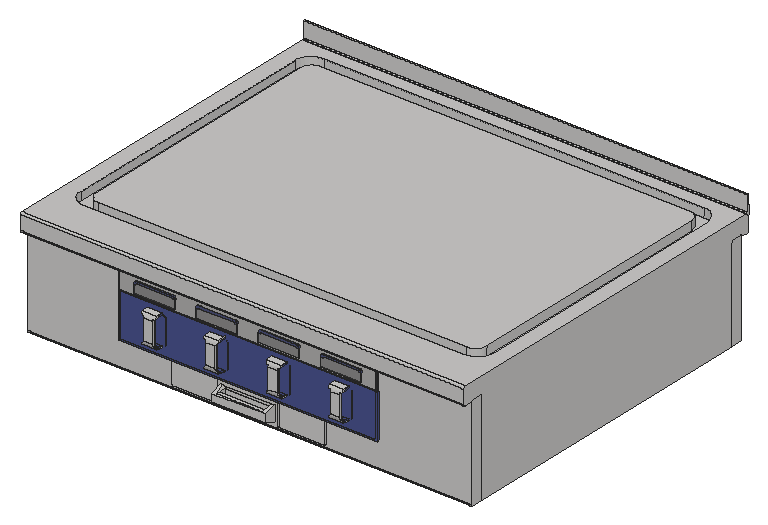
Revit family "QF_ELECTROLUXPROFESSIONAL_588007_MALCABHOAO", category Specialty Equipment, Revit 2018
Family settings
  Round Connector Dimension = Use Diameter
  Part Type = Normal
  Work Plane-Based = No
  Always vertical = Yes
  Cut with Voids When Loaded = No
  Shared = No
  Room Calculation Point = No
Parameters
  Weight in Pounds = 253.5  # constant formula
  Watts = 12000 VA  # 12000 W
  Volts = 400 V  # constant formula
  URL Cutsheet = ""
  Type Mark [instance] = ""
  Status [instance] = ""
  Specification by User [instance] = ""
  Specification by Manufacturer = ""
  Serial Number = ""
  Seismic Rating = ""
  SMACNA No = ""
  Revision Code [instance] = ""
  Phase = 3  # constant formula
  Omniclass Number and Title = ""
  Number of Poles [instance] = 1
  NAFEM Spec ID Number = ""
  Model = "588007"
  Min Ckt Ampacity = 0 A
  Max Overcurrent Protection = 0 A
  Masterspec = ""
  Manufacturer = "ELECTROLUX"
  Item Number [instance] = ""
  Installed By [instance] = ""
  Identify Quantity as Lot [instance] = yes
  HP = "16.1 HP"
  Furnished By [instance] = ""
  Foodservice Equipment Identifier [instance] = yes
  FL Amps [instance] = if(Phase = 3, Watts / (Volts * 1.73), Watts / Volts)  # 17.341 A
  Electrical Remarks = "400 V/3N ph/50/60 Hz"  # constant formula
  Electric Connection Type [instance] = ""
  Elec Conn RI Height [instance] = 0 mm
  Elec Conn Connection Height [instance] = 0 mm
  Direct Waste Size = 0"
  Description = "EL.SOLID TOP,4 ZONES,1S,BS,1000X800X250H"
  Cycle [instance] = if([60 Hertz Option], 60 Hz, 50 Hz)  # 60 Hz
  Conn Plug = ""
  Conn Conduit = yes
  CSI MasterFormat = ""
  CSI Master Format = ""
  Back Panel [instance] = yes
  Apparent Power [instance] = if(Phase = 3, Volts * FL Amps * 1.73, Volts * FL Amps)  # 12000 VA
  60 Hertz Option [instance] = not([50 Hertz Option])  # yes
  50 Hertz Option [instance] = no
Reference planes
  plane 1 "BACK": y = -100
  plane 2: z = 0
  plane 3 "LEFT": x = 0
  plane 4 "RIGHT": x = 1000
  plane 5 "FRONT": y = -900
  plane 6 "TOP": z = 250
  plane 7: x = 500
  plane 8: y = -500
  plane 9: y = -1330
Forms (mm)
  Extrusion 1, solid, material "QF_Finishes_Stainless Steel"
    sketch origin (0, -487.128, 0) x (0, 1, 0) y (0, 0, 1)
      loop
        line (383.128, 250) -> (-408.872, 250)
        arc (-408.872, 250) -> (-411.7, 248.828) -> (-412.872, 246) r 4
        line (-412.872, 246) -> (-412.872, 214)
        arc (-412.872, 214) -> (-411.443, 210.936) -> (-408.177, 210.061) r 4
        line (-408.177, 210.061) -> (-391.509, 213) -> (-366.872, 213) -> (-366.872, 0) -> (341.128, 0) -> (341.128, 213) -> (365.765, 213) -> (382.433, 210.061)
        arc (382.433, 210.061) -> (385.699, 210.936) -> (387.128, 214) r 4
        line (387.128, 214) -> (387.128, 246)
        arc (387.128, 246) -> (385.956, 248.828) -> (383.128, 250) r 4
    from 0 to 1000
  Extrusion 2, solid, material "QF_Finishes_Stainless Steel", visible <- "Back Panel"
    sketch origin (0, 0, 0) x (0, 1, 0) y (0, 0, 1)
      loop
        line (-146, 0) -> (-120, 0) -> (-120, 215)
        arc (-120, 215) -> (-120.586, 213.586) -> (-122, 213) r 2
        line (-122, 213) -> (-146, 213) -> (-146, 0)
    from 0 to 1000
  Extrusion 3, void
    sketch origin (653.786, -55.952, 250) x (1, 0, 0) y (0, -1, 0)
      loop
        line (274.614, 755.048) -> (-582.186, 755.048)
        arc (-582.186, 755.048) -> (-608.349, 744.211) -> (-619.186, 718.048) r 37
        line (-619.186, 718.048) -> (-619.186, 115.648)
        arc (-619.186, 115.648) -> (-608.349, 89.485) -> (-582.186, 78.648) r 37
        line (-582.186, 78.648) -> (274.614, 78.648)
        arc (274.614, 78.648) -> (300.777, 89.485) -> (311.614, 115.648) r 37
        line (311.614, 115.648) -> (311.614, 718.048)
        arc (311.614, 718.048) -> (300.777, 744.211) -> (274.614, 755.048) r 37
    from 0 to 19.1
  Extrusion 4, solid, material "QF_Finishes_Stainless Steel"
    sketch origin (0, -854, 0) x (1, 0, 0) y (0, -1, 0)
      loop
        circle (955, -169) r 6.35
    from 0 to 3.2
  Extrusion 5, solid, material "QF_Finishes_Stainless Steel"
    sketch origin (653.786, -55.952, 230.9) x (1, 0, 0) y (0, 1, 0)
      loop
        line (260.814, -104.048) -> (-568.386, -104.048)
        arc (-568.386, -104.048) -> (-586.347, -111.488) -> (-593.786, -129.448) r 25.4
        line (-593.786, -129.448) -> (-593.786, -704.248)
        arc (-593.786, -704.248) -> (-586.347, -722.209) -> (-568.386, -729.648) r 25.4
        line (-568.386, -729.648) -> (260.814, -729.648)
        arc (260.814, -729.648) -> (278.774, -722.209) -> (286.214, -704.248) r 25.4
        line (286.214, -704.248) -> (286.214, -129.448)
        arc (286.214, -129.448) -> (278.774, -111.488) -> (260.814, -104.048) r 25.4
    from 0 to 19.1
  Extrusion 6, solid, material "QF_Door-Drawer Clearances", detail levels coarse
    sketch origin (537.31, -881.593, 8.62) x (0, 0, 1) y (-1, 0, 0)
      loop
        line (1.973, -134.295) -> (49.317, -134.295)
        arc (49.317, -134.295) -> (50.776, -133.691) -> (51.38, -132.232) r 2.063
        line (51.38, -132.232) -> (51.38, 206.852)
        arc (51.38, 206.852) -> (50.88, 208.549) -> (49.541, 209.705) r 3.133
        line (49.541, 209.705) -> (3.067, 209.705)
        arc (3.067, 209.705) -> (0.898, 208.807) -> (0, 206.638) r 3.067
        line (0, 206.638) -> (0, -132.322)
        arc (0, -132.322) -> (0.578, -133.717) -> (1.973, -134.295) r 1.973
    from 0 to 448.407
  Extrusion 7, solid, material "QF_Finishes_Stainless Steel"
    sketch origin (0, -950.048, 294.179) x (0, -1, 0) y (0, 0, -1)
      loop
        arc (-848.097, 42.179) -> (-847.511, 43.594) -> (-846.097, 44.179) r 2
        arc (-846.097, 44.179) -> (-848.877, 45.357) -> (-850.048, 48.185) r 4
        line (-850.048, 48.185) -> (-850.048, 6.179) -> (-848.097, 6.179) -> (-848.097, 42.179)
    from 0 to 1000
Cuts and joins
  Extrusion 3 cuts Extrusion 1
Lines and regions (mm)
  symbolic lines
    curve 1: line (0, -100, 0) -> (1000, -100, 0)
    curve 2: line (0, -900, 0) -> (0, -100, 0)
    curve 3: line (1000, -900, 0) -> (0, -900, 0)
    curve 4: line (1000, -100, 0) -> (1000, -900, 0)
    curve 5: line (273.641, -902.326, 0) -> (273.641, -900, 0)
    curve 6: spline (279.31, -903.73, 0) -> (278.831, -903.657, 0) -> (278.353, -903.575, 0) -> (277.876, -903.486, 0) -> (277.4, -903.389, 0) -> (276.925, -903.283, 0) -> (276.452, -903.17, 0) -> (275.98, -903.049, 0) -> (275.509, -902.92, 0) -> (275.039, -902.783, 0) -> (274.572, -902.638, 0) -> (274.105, -902.486, 0) -> (273.641, -902.326, 0)
    curve 7: line (305.857, -902.326, 0) -> (305.857, -900, 0)
    curve 8: spline (305.857, -902.326, 0) -> (305.392, -902.486, 0) -> (304.926, -902.638, 0) -> (304.458, -902.783, 0) -> (303.989, -902.92, 0) -> (303.518, -903.049, 0) -> (303.046, -903.17, 0) -> (302.572, -903.283, 0) -> (302.098, -903.389, 0) -> (301.622, -903.486, 0) -> (301.145, -903.575, 0) -> (300.667, -903.657, 0) -> (300.188, -903.73, 0)
    curve 9: line (279.31, -903.73, 0) -> (300.188, -903.73, 0)
    curve 10: line (413.892, -902.326, 0) -> (413.892, -900, 0)
    curve 11: spline (419.561, -903.73, 0) -> (419.082, -903.657, 0) -> (418.604, -903.575, 0) -> (418.127, -903.486, 0) -> (417.651, -903.389, 0) -> (417.177, -903.283, 0) -> (416.703, -903.17, 0) -> (416.231, -903.049, 0) -> (415.76, -902.92, 0) -> (415.29, -902.783, 0) -> (414.823, -902.638, 0) -> (414.357, -902.486, 0) -> (413.892, -902.326, 0)
    curve 12: line (446.108, -902.326, 0) -> (446.108, -900, 0)
    curve 13: spline (446.108, -902.326, 0) -> (445.643, -902.486, 0) -> (445.177, -902.638, 0) -> (444.71, -902.783, 0) -> (444.24, -902.92, 0) -> (443.769, -903.049, 0) -> (443.297, -903.17, 0) -> (442.823, -903.283, 0) -> (442.349, -903.389, 0) -> (441.873, -903.486, 0) -> (441.396, -903.575, 0) -> (440.918, -903.657, 0) -> (440.439, -903.73, 0)
    curve 14: line (419.561, -903.73, 0) -> (440.439, -903.73, 0)
    curve 15: line (726.359, -902.326, 0) -> (726.359, -900, 0)
    curve 16: spline (720.69, -903.73, 0) -> (721.169, -903.657, 0) -> (721.647, -903.575, 0) -> (722.124, -903.486, 0) -> (722.6, -903.389, 0) -> (723.075, -903.283, 0) -> (723.548, -903.17, 0) -> (724.02, -903.049, 0) -> (724.491, -902.92, 0) -> (724.961, -902.783, 0) -> (725.428, -902.638, 0) -> (725.895, -902.486, 0) -> (726.359, -902.326, 0)
    curve 17: line (694.143, -902.326, 0) -> (694.143, -900, 0)
    curve 18: spline (694.143, -902.326, 0) -> (694.608, -902.486, 0) -> (695.074, -902.638, 0) -> (695.542, -902.783, 0) -> (696.011, -902.92, 0) -> (696.482, -903.049, 0) -> (696.954, -903.17, 0) -> (697.428, -903.283, 0) -> (697.902, -903.389, 0) -> (698.378, -903.486, 0) -> (698.855, -903.575, 0) -> (699.333, -903.657, 0) -> (699.812, -903.73, 0)
    curve 19: line (720.69, -903.73, 0) -> (699.812, -903.73, 0)
    curve 20: line (586.108, -902.326, 0) -> (586.108, -900, 0)
    curve 21: spline (580.439, -903.73, 0) -> (580.918, -903.657, 0) -> (581.396, -903.575, 0) -> (581.873, -903.486, 0) -> (582.349, -903.389, 0) -> (582.823, -903.283, 0) -> (583.297, -903.17, 0) -> (583.769, -903.049, 0) -> (584.24, -902.92, 0) -> (584.71, -902.783, 0) -> (585.177, -902.638, 0) -> (585.643, -902.486, 0) -> (586.108, -902.326, 0)
    curve 22: line (553.892, -902.326, 0) -> (553.892, -900, 0)
    curve 23: spline (553.892, -902.326, 0) -> (554.357, -902.486, 0) -> (554.823, -902.638, 0) -> (555.29, -902.783, 0) -> (555.76, -902.92, 0) -> (556.231, -903.049, 0) -> (556.703, -903.17, 0) -> (557.177, -903.283, 0) -> (557.651, -903.389, 0) -> (558.127, -903.486, 0) -> (558.604, -903.575, 0) -> (559.082, -903.657, 0) -> (559.561, -903.73, 0)
    curve 24: line (580.439, -903.73, 0) -> (559.561, -903.73, 0)
    curve 36: line (914.6, -160, 0) -> (85.4, -160, 0)
    curve 37: arc (85.4, -160, 0) -> (67.439, -167.439, 0) -> (60, -185.4, 0) r 25.4
    curve 38: line (60, -185.4, 0) -> (60, -760.2, 0)
    curve 39: arc (60, -760.2, 0) -> (67.439, -778.161, 0) -> (85.4, -785.6, 0) r 25.4
    curve 40: line (85.4, -785.6, 0) -> (914.6, -785.6, 0)
    curve 41: arc (914.6, -785.6, 0) -> (932.561, -778.161, 0) -> (940, -760.2, 0) r 25.4
    curve 42: line (940, -760.2, 0) -> (940, -185.4, 0)
    curve 43: arc (940, -185.4, 0) -> (932.561, -167.439, 0) -> (914.6, -160, 0) r 25.4
    curve 44: line (0, -101.951, 0) -> (1000, -101.951, 0)
    curve 45: line (446.108, -900, 0) -> (447.685, -908.767, 0)
    curve 46: line (447.685, -908.767, 0) -> (550.042, -908.767, 0)
    curve 47: line (550.042, -908.767, 0) -> (551.62, -900, 0)
  symbolic lines, style "QF_Door-Drawer Clearances"
    curve 25: line (327.605, -1330, 0) -> (327.605, -900, 0)
    curve 26: line (327.605, -1330, 0) -> (671.605, -1330, 0)
    curve 27: line (671.605, -1330, 0) -> (671.605, -900, 0)
  symbolic lines, style "SpecialityEquipment"
    curve 28: line (71.6, -134.6, 0) -> (928.4, -134.6, 0)
    curve 29: arc (928.4, -134.6, 0) -> (954.563, -145.437, 0) -> (965.4, -171.6, 0) r 37
    curve 30: line (965.4, -171.6, 0) -> (965.4, -772.524, 0)
    curve 31: arc (965.4, -772.524, 0) -> (954.131, -799.731, 0) -> (926.924, -811, 0) r 38.476
    curve 32: line (926.924, -811, 0) -> (71.6, -811, 0)
    curve 33: arc (71.6, -811, 0) -> (45.437, -800.163, 0) -> (34.6, -774, 0) r 37
    curve 34: line (34.6, -774, 0) -> (34.6, -171.6, 0)
    curve 35: arc (34.6, -171.6, 0) -> (45.437, -145.437, 0) -> (71.6, -134.6, 0) r 37
Dimensions and locks
  plane 3 "LEFT" to plane 4 "RIGHT" = 1000 mm
  plane 5 "FRONT" to plane 1 "BACK" = 800 mm
  equal spacing: plane 3 "LEFT", plane 7, plane 4 "RIGHT"
  equal spacing: plane 5 "FRONT", plane 8, plane 1 "BACK"
  plane 6 "TOP" to level = 250 mm  (x2)
  plane 1 "BACK" to plane 5 "FRONT" = 800 mm
  Extrusion 4 sketch curve to plane 1 "BACK" = 585 mm
  Extrusion 4 sketch curve to plane 4 "RIGHT" = 45 mm
  plane 5 "FRONT" to plane 9 = 430 mm
  aligned and locked: level to plane 2
  aligned and locked: cut or joined group of Extrusion 1, Extrusion 3 to plane 4 "RIGHT"
  aligned and locked: Extrusion 2 to plane 4 "RIGHT"
  aligned and locked: plane 7 to nested 1
  aligned and locked: Extrusion 7 to plane 4 "RIGHT"
Automatic sketch dimensions
  Extrusion 2 sketch curve to Extrusion 2 sketch curve = 26 mm
  plane 1 "BACK" to Extrusion 2 sketch curve = 22 mm
  Extrusion 2 sketch curve to Extrusion 2 sketch curve = 2 mm
  level to Extrusion 2 sketch curve = 213 mm
  Extrusion 1 sketch curve to plane 5 "FRONT" = 0 mm
  Extrusion 1 sketch curve to plane 6 "TOP" = 0 mm
  Extrusion 1 sketch curve to level = 0 mm
  Extrusion 1 sketch curve to plane 1 "BACK" = 0 mm
  Extrusion 1 sketch curve to plane 6 "TOP" = 37 mm  (x2)
  Extrusion 1 sketch curve to plane 5 "FRONT" = 4 mm
  Extrusion 1 sketch curve to plane 5 "FRONT" = 21.363 mm
  Extrusion 1 sketch curve to plane 5 "FRONT" = 46 mm
  plane 1 "BACK" to Extrusion 1 sketch curve = 21.363 mm
  plane 1 "BACK" to Extrusion 1 sketch curve = 4 mm  (x2)
  Extrusion 1 sketch curve to Extrusion 1 sketch curve = 4 mm
  Extrusion 1 sketch curve to Extrusion 1 sketch curve = 0.695 mm
  Extrusion 1 sketch curve to Extrusion 1 sketch curve = 0 mm  (x4)
  plane 1 "BACK" to Extrusion 1 sketch curve = 4.695 mm
  Extrusion 1 sketch curve to Extrusion 1 sketch curve = 1 mm  (x2)
  plane 1 "BACK" to Extrusion 1 sketch curve = 46 mm
  plane 5 "FRONT" to curve 25 = 0 mm
  plane 5 "FRONT" to curve 27 = 0 mm
  plane 3 "LEFT" to curve 25 = 327.605 mm
  plane 7 to curve 27 = 171.605 mm
  curve 25 to curve 25 = 430 mm
  level to Extrusion 6 sketch curve = 8.62 mm
  level to Extrusion 6 sketch curve = 57.937 mm
  plane 7 to Extrusion 6 sketch curve = 171.605 mm
  Extrusion 6 sketch curve to Extrusion 6 sketch curve = 1.973 mm
  Extrusion 6 sketch curve to Extrusion 6 sketch curve = 3.067 mm
  Extrusion 6 sketch curve to Extrusion 6 sketch curve = 46.474 mm
  Extrusion 6 sketch curve to Extrusion 6 sketch curve = 2.063 mm
  Extrusion 6 sketch curve to Extrusion 6 sketch curve = 3.133 mm
  plane 3 "LEFT" to Extrusion 6 sketch curve = 330.672 mm
  plane 3 "LEFT" to curve 34 = 34.6 mm
  curve 34 to curve 38 = 25.4 mm
  curve 37 to curve 35 = 11.6 mm
  curve 39 to curve 33 = 11.6 mm
  curve 33 to curve 39 = 13.8 mm
  curve 35 to curve 37 = 13.8 mm
  plane 7 to curve 36 = 414.6 mm
  plane 7 to curve 41 = 414.6 mm
  curve 40 to curve 32 = 12.324 mm
  curve 36 to curve 29 = 13.8 mm
  curve 29 to curve 43 = 11.6 mm  (x2)
  curve 33 to plane 5 "FRONT" = 89 mm
  curve 40 to curve 31 = 13.076 mm
  plane 1 "BACK" to curve 43 = 85.4 mm
  curve 38 to curve 34 = 13.8 mm
  Extrusion 1 to Extrusion 3 sketch curve = 34.6 mm  (x2)
  Extrusion 1 to Extrusion 3 sketch curve = 85 mm
  Extrusion 3 sketch curve to Extrusion 3 sketch curve = 37 mm  (x4)
  Extrusion 1 to Extrusion 3 sketch curve = 30.6 mm
  Extrusion 5 sketch curve to Extrusion 3 = 25.4 mm  (x4)
  Extrusion 5 sketch curve to Extrusion 5 sketch curve = 25.4 mm  (x4)
  Extrusion 7 sketch curve to plane 1 "BACK" = 0 mm  (x2)
  Extrusion 7 sketch curve to plane 6 "TOP" = 2 mm
  Extrusion 7 sketch curve to plane 6 "TOP" = 0 mm
  Extrusion 7 sketch curve to Extrusion 7 sketch curve = 1.951 mm
  plane 6 "TOP" to Extrusion 7 sketch curve = 0.006 mm
  Extrusion 7 sketch curve to Extrusion 7 sketch curve = 0.049 mm
  Extrusion 7 sketch curve to Extrusion 7 sketch curve = 36 mm
  Extrusion 7 sketch curve to Extrusion 7 sketch curve = 0 mm
  plane 1 "BACK" to curve 1 = 0 mm
  curve 1 to plane 4 "RIGHT" = 0 mm
  plane 5 "FRONT" to curve 12 = 0 mm
  curve 3 to plane 3 "LEFT" = 0 mm
  plane 5 "FRONT" to curve 20 = 2.326 mm
  plane 5 "FRONT" to curve 15 = 2.326 mm
  plane 7 to curve 15 = 226.359 mm
  plane 5 "FRONT" to curve 19 = 3.73 mm
  curve 15 to curve 19 = 5.669 mm
  curve 16 to curve 19 = 20.878 mm
  plane 5 "FRONT" to curve 17 = 2.326 mm
  curve 18 to curve 17 = 5.669 mm
  plane 7 to curve 20 = 86.108 mm
  plane 5 "FRONT" to curve 24 = 3.73 mm
  curve 20 to curve 24 = 5.669 mm
  curve 21 to curve 24 = 20.878 mm
  plane 5 "FRONT" to curve 22 = 2.326 mm
  curve 24 to curve 22 = 5.669 mm
  curve 45 to plane 7 = 52.315 mm
  curve 45 to curve 12 = 1.578 mm
  curve 12 to curve 14 = 5.669 mm
  plane 5 "FRONT" to curve 14 = 3.73 mm
  curve 14 to curve 14 = 20.878 mm
  plane 5 "FRONT" to curve 10 = 2.326 mm
  curve 11 to curve 10 = 5.669 mm
  plane 5 "FRONT" to curve 7 = 2.326 mm
  curve 10 to curve 7 = 108.035 mm
  plane 5 "FRONT" to curve 9 = 3.73 mm
  curve 7 to curve 9 = 5.669 mm
  curve 8 to curve 9 = 20.878 mm
  plane 5 "FRONT" to curve 5 = 2.326 mm
  curve 6 to curve 5 = 5.669 mm
  curve 15 to curve 16 = 9.839 mm
  plane 5 "FRONT" to curve 18 = 4.032 mm
  curve 18 to curve 19 = 4.17 mm
  plane 5 "FRONT" to curve 21 = 4.032 mm
  curve 21 to curve 21 = 4.17 mm
  plane 5 "FRONT" to curve 23 = 4.032 mm
  curve 23 to curve 23 = 4.17 mm
  curve 22 to curve 47 = 2.272 mm
  curve 23 to curve 46 = 3.85 mm
  plane 5 "FRONT" to curve 47 = 8.767 mm
  curve 12 to curve 13 = 9.839 mm
  curve 13 to curve 11 = 12.538 mm
  curve 7 to curve 8 = 9.839 mm
  curve 8 to curve 6 = 12.538 mm
  curve 12 to curve 12 = 2.326 mm
  plane 1 "BACK" to curve 44 = 1.951 mm
  curve 8 to plane 5 "FRONT" = 39.101 mm
  curve 6 to curve 8 = 0 mm
  curve 11 to plane 5 "FRONT" = 39.101 mm
  curve 11 to curve 13 = 0 mm
  curve 18 to curve 16 = 0 mm
  Extrusion 2 sketch curve to level = 0 mm
  radius of Extrusion 4 sketch curve = 6.35 mm
Nested families
  nested 1: "EST_800_1000 Front Panel Four Controls" at (-100, -854, -650), type "EST_800_1000 Front Panel Four Controls"
Connectors
  electrical at (955, -685, -3.2), driven by "Volts", driven by "Watts"
    settings: on Extrusion 4, index 1, voltage 400 V, apparent load 12000 VA, apparent load phase1 0 VA, apparent load phase2 0 VA, apparent load phase3 0 VA, power factor 1, load classification "Other", number of poles 1, system type 30, power factor state 1, is connector primary yes, connector utility no, sub classification motor no, connector description "ELECTRICAL CONNECTION"
Definition of nested family "EST_800_1000 Front Panel Four Controls"
  Parameters
    Keynote = ""
  Reference planes
    plane 1 "Center (Front/Back)": y = 0
    plane 2: z = 0
    plane 3 "Center (Left/Right)": x = 100
    plane 4: x = 600
    plane 5: x = 389.749
    plane 6: x = 530
    plane 7: x = 670.079
    plane 8: x = 809.948
  Forms (mm)
    Extrusion 1, void
      sketch origin (1213.217, 829.203, -1.25) x (1, 0, 0) y (0, 0, 1)
        loop
          line (-321.217, 853.25) -> (-905.217, 853.25) -> (-905.217, 711.25) -> (-321.217, 711.25) -> (-321.217, 853.25)
      from 843.409 to 854.203
    Extrusion 2, solid
      sketch origin (1133.217, 829.203, -1.25) x (0, 1, 0) y (0, 0, 1)
        loop
          arc (-854.203, 654.25) -> (-853.324, 652.129) -> (-851.203, 651.25) r 3
          line (-851.203, 651.25) -> (-829.203, 651.25) -> (-829.203, 864.25) -> (-854.203, 864.25) -> (-854.203, 654.25)
      from -1033.217 to -33.217
  Dimensions and locks
    aligned and locked: plane 4 to nested 6
  Nested families
    nested 1: "1200 Glass Panel with Four Reads" at (308, -30, 5.811), type "1200 Glass Panel with Four Reads"
    nested 2: "Sml  Range Control Handle" at (389.749, -26.645, -204.867), type "Sml  Range Control Handle"
    nested 3: "Sml  Range Control Handle" at (529.638, -26.645, -204.867), type "Sml  Range Control Handle"
    nested 4: "Sml  Range Control Handle" at (670.079, -26.645, -204.867), type "Sml  Range Control Handle"
    nested 5: "Sml  Range Control Handle" at (810.079, -26.645, -204.867), type "Sml  Range Control Handle"
    nested 6: "grease trap door1" at (667.599, -25, 0.608) x (-1, 0, 0) z (0, 0, 1), type "grease trap door"
  Definition of nested family "1200 Glass Panel with Four Reads"
    Reference planes
      plane 1 "Center (Front/Back)": y = 0
      plane 2: z = 0
      plane 3 "Center (Left/Right)": x = 0
      plane 4: x = 584
      plane 5: x = 581.091
      plane 6 "Top": z = 846.189
      plane 7 "Center": x = 292
    Forms (mm)
      Extrusion 1, solid
        sketch origin (550.286, 304.8, -4.308) x (1, 0, 0) y (0, 0, 1)
          loop
            line (-550.286, 806.791) -> (-550.286, 708.497) -> (33.714, 708.497) -> (33.714, 806.791) -> (-550.286, 806.791)
        from 300.031 to 304.8
      Extrusion 2, solid
        sketch origin (550.286, 304.8, -4.308) x (1, 0, 0) y (0, 0, 1)
          loop
            line (-550.286, 850.497) -> (-550.286, 806.791) -> (33.714, 806.791) -> (33.714, 850.497) -> (-550.286, 850.497)
        from 300.031 to 304.8
      Extrusion 3, void
        sketch origin (550.286, 304.8, -4.308) x (1, 0, 0) y (0, 0, 1)
          loop
            line (-547.628, 847.565) -> (-547.628, 710.699) -> (30.804, 710.699) -> (30.804, 847.565) -> (-547.628, 847.565)
        from 303.697 to 304.8
      Extrusion 4, solid, not visible
        sketch origin (550.286, 305.901, -4.308) x (1, 0, 0) y (0, 0, 1)
          loop
            line (-153.041, 812.62) -> (-153.041, 834.177) -> (-157.775, 834.177) -> (-159.574, 835.977) -> (-238.324, 835.977) -> (-240.124, 834.177) -> (-245.041, 834.177) -> (-245.041, 812.62) -> (-153.041, 812.62)
        from 304.798 to 306.745
      Extrusion 5, solid, not visible
        sketch origin (550.286, 305.901, -4.308) x (1, 0, 0) y (0, 0, 1)
          loop
            line (-240.027, 834.177) -> (-238.227, 835.977) -> (-159.594, 835.977) -> (-157.794, 834.177) -> (-153.083, 834.177)
            arc (-153.083, 834.177) -> (-154.26, 838.752) -> (-158.535, 840.763) r 5.549
            line (-158.535, 840.763) -> (-239.444, 840.763)
            arc (-239.444, 840.763) -> (-243.699, 838.747) -> (-244.835, 834.177) r 5.5
            line (-244.835, 834.177) -> (-240.027, 834.177)
        from 304.798 to 306.745
      Extrusion 6, solid
        sketch origin (700.989, 305.901, -4.308) x (1, 0, 0) y (0, 0, 1)
          loop
            line (-153.041, 812.62) -> (-153.041, 834.177) -> (-157.775, 834.177) -> (-159.574, 835.977) -> (-238.324, 835.977) -> (-240.124, 834.177) -> (-245.041, 834.177) -> (-245.041, 812.62) -> (-153.041, 812.62)
        from 304.798 to 306.745
      Extrusion 7, solid
        sketch origin (700.989, 305.901, -4.308) x (1, 0, 0) y (0, 0, 1)
          loop
            line (-240.027, 834.177) -> (-238.227, 835.977) -> (-159.594, 835.977) -> (-157.794, 834.177) -> (-153.083, 834.177)
            arc (-153.083, 834.177) -> (-154.26, 838.752) -> (-158.535, 840.763) r 5.549
            line (-158.535, 840.763) -> (-239.444, 840.763)
            arc (-239.444, 840.763) -> (-243.699, 838.747) -> (-244.835, 834.177) r 5.5
            line (-244.835, 834.177) -> (-240.027, 834.177)
        from 304.798 to 306.745
      Extrusion 8, solid
        sketch origin (560.989, 305.901, -4.308) x (1, 0, 0) y (0, 0, 1)
          loop
            line (-153.041, 812.62) -> (-153.041, 834.177) -> (-157.775, 834.177) -> (-159.574, 835.977) -> (-238.324, 835.977) -> (-240.124, 834.177) -> (-245.041, 834.177) -> (-245.041, 812.62) -> (-153.041, 812.62)
        from 304.798 to 306.745
      Extrusion 9, solid
        sketch origin (560.989, 305.901, -4.308) x (1, 0, 0) y (0, 0, 1)
          loop
            line (-240.027, 834.177) -> (-238.227, 835.977) -> (-159.594, 835.977) -> (-157.794, 834.177) -> (-153.083, 834.177)
            arc (-153.083, 834.177) -> (-154.26, 838.752) -> (-158.535, 840.763) r 5.549
            line (-158.535, 840.763) -> (-239.444, 840.763)
            arc (-239.444, 840.763) -> (-243.699, 838.747) -> (-244.835, 834.177) r 5.5
            line (-244.835, 834.177) -> (-240.027, 834.177)
        from 304.798 to 306.745
      Extrusion 10, solid
        sketch origin (700.989, 305.901, -4.308) x (1, 0, 0) y (0, 0, 1)
          loop
            line (-665.188, 812.62) -> (-573.188, 812.62) -> (-573.188, 834.177) -> (-578.105, 834.177) -> (-579.905, 835.977) -> (-658.655, 835.977) -> (-660.455, 834.177) -> (-665.188, 834.177) -> (-665.188, 812.62)
        from 304.798 to 306.745
      Extrusion 11, solid
        sketch origin (700.989, 305.901, -4.308) x (1, 0, 0) y (0, 0, 1)
          loop
            line (-578.203, 834.177) -> (-573.394, 834.177)
            arc (-573.394, 834.177) -> (-574.53, 838.747) -> (-578.786, 840.763) r 5.5
            line (-578.786, 840.763) -> (-659.695, 840.763)
            arc (-659.695, 840.763) -> (-663.97, 838.752) -> (-665.146, 834.177) r 5.549
            line (-665.146, 834.177) -> (-660.435, 834.177) -> (-658.636, 835.977) -> (-580.003, 835.977) -> (-578.203, 834.177)
        from 304.798 to 306.745
      Extrusion 12, solid
        sketch origin (560.989, 305.901, -4.308) x (1, 0, 0) y (0, 0, 1)
          loop
            line (-385.188, 812.62) -> (-293.188, 812.62) -> (-293.188, 834.177) -> (-298.105, 834.177) -> (-299.905, 835.977) -> (-378.655, 835.977) -> (-380.455, 834.177) -> (-385.188, 834.177) -> (-385.188, 812.62)
        from 304.798 to 306.745
      Extrusion 13, solid
        sketch origin (560.989, 305.901, -4.308) x (1, 0, 0) y (0, 0, 1)
          loop
            line (-298.203, 834.177) -> (-293.394, 834.177)
            arc (-293.394, 834.177) -> (-294.53, 838.747) -> (-298.786, 840.763) r 5.5
            line (-298.786, 840.763) -> (-379.695, 840.763)
            arc (-379.695, 840.763) -> (-383.97, 838.752) -> (-385.146, 834.177) r 5.549
            line (-385.146, 834.177) -> (-380.435, 834.177) -> (-378.636, 835.977) -> (-300.003, 835.977) -> (-298.203, 834.177)
        from 304.798 to 306.745
    Cuts and joins
      Extrusion 3 cuts Extrusion 1
      Extrusion 3 cuts Extrusion 2
    Lines and regions (mm)
      symbolic lines
        curve 1: line (0, 4.769, 0) -> (584, 4.769, 0)
    Dimensions and locks
      aligned and locked: Extrusion 1 to Extrusion 2
      aligned and locked: Extrusion 6 to Extrusion 7
      aligned and locked: Extrusion 8 to Extrusion 9
      aligned and locked: Extrusion 10 to Extrusion 11
      aligned and locked: Extrusion 12 to Extrusion 13
  Definition of nested family "Sml  Range Control Handle"
    Reference planes
      plane 1 "Center (Front/Back)": y = 0
      plane 2: z = 0
      plane 3 "Center (Left/Right)": x = 0
      plane 4: z = 971.092
    Forms (mm)
      Extrusion 1, solid
        sketch origin (-746.28, 380.497, 208.931) x (-1, 0, 0) y (0, 0, 1)
          loop
            line (-770.101, 786.798) -> (-770.101, 731.649)
            arc (-770.101, 731.649) -> (-769.759, 730.563) -> (-768.855, 729.87) r 1.893
            line (-768.855, 729.87) -> (-763.474, 727.911) -> (-729.81, 727.911) -> (-724.428, 729.87)
            arc (-724.428, 729.87) -> (-723.525, 730.563) -> (-723.183, 731.649) r 1.893
            line (-723.183, 731.649) -> (-723.183, 786.798)
            arc (-723.183, 786.798) -> (-723.529, 787.894) -> (-724.44, 788.593) r 1.91
            line (-724.44, 788.593) -> (-729.683, 790.819) -> (-763.601, 790.819) -> (-768.844, 788.593)
            arc (-768.844, 788.593) -> (-769.755, 787.894) -> (-770.101, 786.798) r 1.91
        from -382.35 to -378.852
      Sweep 2, solid
        path origin (-746.788, 380.496, 208.091) x (0, -1, 0) y (0, 0, 1)
          loop
            line (379.775, 793.281) -> (395.661, 791.048)
            arc (395.661, 791.048) -> (397.781, 787.377) -> (398.517, 783.202) r 12.207
            line (398.517, 783.202) -> (398.517, 737.368)
            arc (398.517, 737.368) -> (397.781, 733.193) -> (395.661, 729.522) r 12.207
            line (395.661, 729.522) -> (379.775, 727.289)
        profile origin (-746.788, -7.222, 1000.256) x (0, -0.139173, 0.990268) y (-1, 0, 0)
          loop
            line (0.782, -763.123) -> (0.782, -730.907) -> (-1.322, -730.907) -> (-1.322, -763.123) -> (0.782, -763.123)
      Sweep 3, solid
        path origin (-746.788, 380.715, 207.832) x (0, -1, 0) y (0, 0, 1)
          loop
            line (380.478, 795.442) -> (397.218, 793.09)
            arc (397.218, 793.09) -> (399.929, 788.473) -> (400.871, 783.202) r 15.207
            line (400.871, 783.202) -> (400.871, 737.584)
            arc (400.871, 737.584) -> (399.914, 732.274) -> (397.164, 727.633) r 15.207
            line (397.164, 727.633) -> (380.601, 725.305)
        profile origin (-746.788, -8.132, 1002.099) x (0, -0.139173, 0.990268) y (-1, 0, 0)
          loop
            line (0.782, -763.123) -> (0.782, -730.907) -> (-1.322, -730.907) -> (-1.322, -763.123) -> (0.782, -763.123)
      Extrusion 4, void
        sketch origin (889.253, 220.666, 207.993) x (1, 0, 0) y (0, 0, 1)
          loop
            line (-943.038, 816.854) -> (-943.038, 703.686) -> (-899.466, 734.196) -> (-899.466, 786.344) -> (-943.038, 816.854)
        from 230.636 to 242.25
      Extrusion 5, void
        sketch origin (-888.8, 220.666, 207.993) x (-1, 0, 0) y (0, 0, -1)
          loop
            line (-943.038, -816.854) -> (-899.466, -786.344) -> (-899.466, -734.196) -> (-943.038, -703.686) -> (-943.038, -816.854)
        from 230.636 to 242.25
      Extrusion 6, solid
        sketch origin (0, 0, 0) x (1, 0, 0) y (0, 0, 1)
          loop
            circle (0, 971.092) r 7.736
        from -3.137 to -1.645
    Cuts and joins
      Extrusion 4, Extrusion 5 cuts Sweep 3
      Extrusion 4, Extrusion 5 cuts Sweep 2
      joined: Extrusion 1, Extrusion 6
    Lines and regions (mm)
      symbolic lines
        curve 1: line (23.821, 1.645, 0) -> (-23.097, 1.645, 0)
        curve 2: line (16.334, -1.853, 0) -> (23.821, -1.853, 0)
        curve 3: line (-15.881, -19.189, 0) -> (-15.881, -1.853, 0)
        curve 4: line (-23.097, -1.853, 0) -> (-15.881, -1.853, 0)
        curve 5: line (16.334, -19.189, 0) -> (16.334, -1.853, 0)
        curve 6: spline (-15.881, -19.189, 0) -> (-15.417, -19.349, 0) -> (-14.951, -19.501, 0) -> (-14.483, -19.646, 0) -> (-14.014, -19.783, 0) -> (-13.543, -19.912, 0) -> (-13.071, -20.033, 0) -> (-12.597, -20.146, 0) -> (-12.122, -20.251, 0) -> (-11.646, -20.349, 0) -> (-11.169, -20.438, 0) -> (-10.691, -20.52, 0) -> (-10.213, -20.593, 0)
        curve 7: spline (10.666, -20.593, 0) -> (11.144, -20.52, 0) -> (11.622, -20.438, 0) -> (12.099, -20.349, 0) -> (12.575, -20.251, 0) -> (13.05, -20.146, 0) -> (13.524, -20.033, 0) -> (13.996, -19.912, 0) -> (14.467, -19.783, 0) -> (14.936, -19.646, 0) -> (15.404, -19.501, 0) -> (15.87, -19.349, 0) -> (16.334, -19.189, 0)
        curve 8: line (-10.213, -20.938, 0) -> (10.716, -20.938, 0)
        curve 9: line (-23.097, 1.645, 0) -> (-23.097, -1.853, 0)
        curve 10: line (23.821, 1.645, 0) -> (23.821, -1.853, 0)
    Dimensions and locks
      cut or joined group of Sweep 3, Extrusion 4, Extrusion 5 to cut or joined group of Sweep 3, Extrusion 4, Extrusion 5 = 71.686 mm
  Definition of nested family "grease trap door1"
    Reference planes
      plane 1 "Center (Front/Back)": y = 0
      plane 2: z = 0
      plane 3 "Center (Left/Right)": x = 0
    Forms (mm)
      Extrusion 1, solid
        sketch origin (1627.55, 854.203, -1.25) x (1, 0, 0) y (0, 0, 1)
          loop
            arc (-1627.55, 661.235) -> (-1626.972, 659.84) -> (-1625.577, 659.262) r 1.973
            line (-1625.577, 659.262) -> (-1494.325, 659.262)
            arc (-1494.325, 659.262) -> (-1492.156, 660.16) -> (-1491.258, 662.329) r 3.067
            line (-1491.258, 662.329) -> (-1491.258, 708.803)
            arc (-1491.258, 708.803) -> (-1492.414, 710.143) -> (-1494.111, 710.642) r 3.133
            line (-1494.111, 710.642) -> (-1625.486, 710.642)
            arc (-1625.486, 710.642) -> (-1626.945, 710.038) -> (-1627.55, 708.579) r 2.063
            line (-1627.55, 708.579) -> (-1627.55, 661.235)
        from 856.795 to 859.203
      Extrusion 2, solid
        sketch origin (445.874, 2476.61, 0) x (0, 1, 0) y (0, 0, 1)
          loop
            line (-2506.377, 675.273) -> (-2481.61, 667.505) -> (-2481.61, 700.995) -> (-2506.377, 693.227) -> (-2506.377, 675.273)
        from -437.68 to -317.68
      Extrusion 3, void
        sketch origin (1627.55, 854.203, -1.25) x (1, 0, 0) y (0, 0, 1)
          loop
            line (-1614.883, 703) -> (-1610.542, 695.433) -> (-1508.17, 695.433) -> (-1503.828, 703) -> (-1614.883, 703)
          loop
            line (-1614.883, 668) -> (-1502.669, 668) -> (-1507.01, 675.567) -> (-1610.542, 675.567) -> (-1614.883, 668)
        from 832.916 to 883.97
      Extrusion 4, void
        sketch origin (447.55, 854.203, -1.25) x (1, 0, 0) y (0, 0, 1)
          loop
            line (-430.542, 695.433) -> (-430.542, 675.567) -> (-328.17, 675.567) -> (-328.17, 695.433) -> (-430.542, 695.433)
        from 859.203 to 874.202
      Extrusion 5, solid
        sketch origin (1627.55, 854.203, -1.25) x (1, 0, 0) y (0, 0, 1)
          loop
            arc (-1731.556, 661.235) -> (-1730.978, 659.84) -> (-1729.583, 659.262) r 1.973
            line (-1729.583, 659.262) -> (-1390.623, 659.262)
            arc (-1390.623, 659.262) -> (-1388.454, 660.16) -> (-1387.556, 662.329) r 3.067
            line (-1387.556, 662.329) -> (-1387.556, 708.803)
            arc (-1387.556, 708.803) -> (-1388.712, 710.143) -> (-1390.409, 710.642) r 3.133
            line (-1390.409, 710.642) -> (-1729.493, 710.642)
            arc (-1729.493, 710.642) -> (-1730.952, 710.038) -> (-1731.556, 708.579) r 2.063
            line (-1731.556, 708.579) -> (-1731.556, 661.235)
        from 854.203 to 856.795
    Cuts and joins
      Extrusion 3 cuts Extrusion 1
      Extrusion 3, Extrusion 4 cuts Extrusion 2
      joined: Extrusion 1, Extrusion 2
    Lines and regions (mm)
      symbolic lines
        curve 1: line (0, -2.593, 0) -> (136.292, -2.593, 0)
        curve 2: line (17.557, -29.767, 0) -> (12.667, -2.593, 0)
        curve 3: line (17.557, -29.767, 0) -> (119.991, -29.767, 0)
        curve 4: line (119.991, -29.767, 0) -> (124.881, -2.593, 0)
        curve 5: line (68.146, -2.593, 0) -> (68.146, -29.767, 0)
      model lines
        curve 6: line (67.599, 0, 658.012) -> (67.599, 0, 709.392)
    Dimensions and locks
      aligned and locked: Extrusion 2 to Extrusion 1
      aligned and locked: Extrusion 3 to Extrusion 2
      aligned and locked: Extrusion 4 to Extrusion 1
